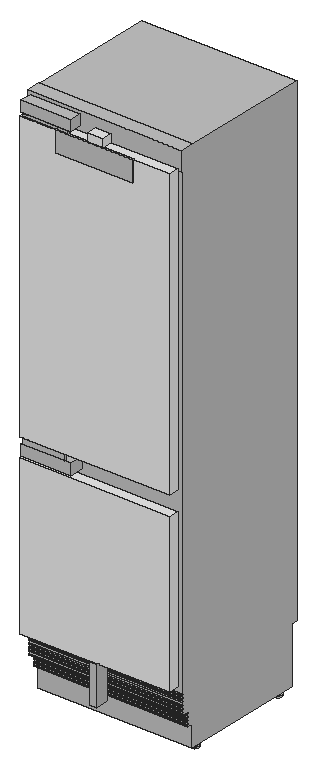
Revit family "FP_Revit_18_RS2484WLUK1_Fridge_90001068A", category Specialty Equipment, Revit 2018 (continued)
Definition of nested family "Handle Professional Square - Horizontal"
  Dimensions and locks
    aligned and locked: level to plane 2
    aligned and locked: plane 5 "Product RHS" to Extrusion 1 sketch curve
    aligned and locked: Extrusion 1 sketch curve to plane 1 "Center (Front/Back)"
    aligned and locked: plane 1 "Center (Front/Back)" to Extrusion 1 sketch curve
    aligned and locked: Extrusion 1 sketch curve to plane 6 "LHS Standoff"
    aligned and locked: Extrusion 1 sketch curve to plane 7 "RHS Standoff"
    aligned and locked: plane 7 "RHS Standoff" to Extrusion 2
    aligned and locked: Extrusion 2 to plane 6 "LHS Standoff"
    aligned and locked: plane 5 "Product RHS" to Extrusion 7 sketch curve
    aligned and locked: Extrusion 7 sketch curve to plane 7 "RHS Standoff"
    aligned and locked: plane 6 "LHS Standoff" to Extrusion 7 sketch curve
    aligned and locked: plane 4 "Product LHS" to Extrusion 7 sketch curve
    aligned and locked: Extrusion 7 sketch curve to plane 1 "Center (Front/Back)"
    aligned and locked: plane 1 "Center (Front/Back)" to Extrusion 7 sketch curve
  Automatic sketch dimensions
    Extrusion 1 sketch curve to plane 4 "Product LHS" = 0 mm
    Extrusion 1 sketch curve to plane 4 "Product LHS" = 10 mm
    plane 5 "Product RHS" to Extrusion 1 sketch curve = 10 mm
    Extrusion 1 sketch curve to Extrusion 1 sketch curve = 40 mm  (x2)
    level to Extrusion 2 sketch curve = 0 mm
    plane 1 "Center (Front/Back)" to Extrusion 2 sketch curve = 61.313 mm
    Extrusion 2 sketch curve to Extrusion 2 sketch curve = 13.513 mm
    Extrusion 2 sketch curve to Extrusion 2 sketch curve = 1.328 mm  (x4)
    Extrusion 2 sketch curve to Extrusion 2 sketch curve = 9.684 mm  (x2)
    Extrusion 2 sketch curve to Extrusion 2 sketch curve = 14.172 mm
    Sweep 3 sketch curve to profile plane = 0 mm  (x2)
    Sweep 3 sketch curve to profile plane = 2.5 mm  (x2)
    Sweep 4 sketch curve to profile plane = 0 mm  (x2)
    Sweep 4 sketch curve to profile plane = 2.5 mm  (x2)
    profile plane to Sweep 5 sketch curve = 0 mm
    Sweep 5 sketch curve to profile plane = 0 mm
    Sweep 5 sketch curve to profile plane = 2.5 mm  (x2)
    profile plane to Sweep 6 sketch curve = 0 mm
    Sweep 6 sketch curve to profile plane = 0 mm
    Sweep 6 sketch curve to profile plane = 2.5 mm  (x2)
    Extrusion 7 sketch curve to plane 4 "Product LHS" = 10 mm
    plane 5 "Product RHS" to Extrusion 7 sketch curve = 10 mm
    plane 1 "Center (Front/Back)" to Extrusion 7 sketch curve = 32 mm
    plane 1 "Center (Front/Back)" to Extrusion 7 sketch curve = 40 mm
Definition of nested family "Visibility Control Note 18"
  Types (3): name
    New
    Resolved
    Active
  Reference planes
    plane 1: y = 0
    plane 2: x = 0
  Text (mm)
    text "Edit Type: \nTo control handle kit \nand door panel visibility\n options\n\nDelete unwanted kits \nto reduce file size" at (-0.165, 35.556, 0)
Types (3, lengths in mm): name | Model | Description
  (no name) | "RS2484WLUK1" | "24\" Integrated Column Refrigerator/Freezer with Ice & Water, SS interior"
  RS2484WLU1 | "RS2484WLU1" | "24\" Integrated Column Refrigerator/Freezer with Ice & Water, White Interior"
  RS2484WLUK1 | "RS2484WLUK1" | "24\" Integrated Column Refrigerator/Freezer with Ice & Water, SS interior"
